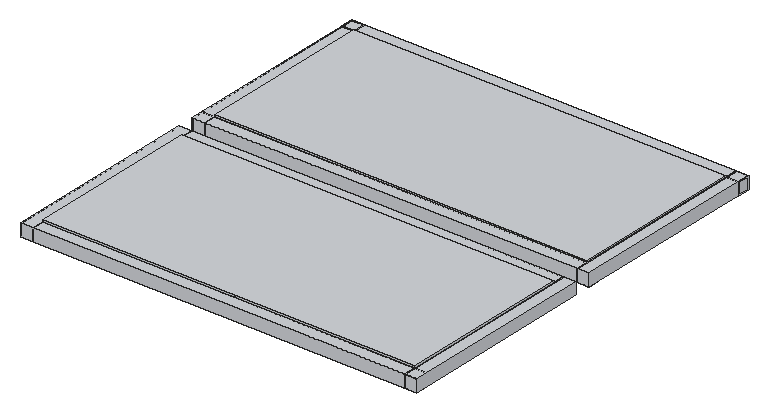
Revit family "Camana Series", category Mechanical Equipment, Revit 2015
Parameters
  length 2 = 3' - 0"
  length 1 = 3' - 0"
  Width = 6' - 0"
  URL = "https://unitedenertech.com/catalog/pdf/C_16%20CAMANA%20SERIES.pdf"
  Type Comments = "Max Size 12\" minimum, 48\" max projection, 120\" Maximum Width for Sunshade and Lightshelf"
  Model = "Camana Series Sunshade"
  Manufacturer = "United Enertech"
  Description = "2 1/4\" square tube frame with recess for perforated panel on top (5/16\" diameter holes on 1/2\" staggered centers)."
Reference planes (in)
  plane 1 "Center (Front/Back)": y = 0
  plane 2: z = 0
  plane 3 "Center (Left/Right)": x = 0
  plane 4: x = -36
  plane 5: x = 36
  plane 6: z = -3.20004
  plane 7: z = -5.45004
  plane 8: x = -33.75
  plane 9: y = -18
  plane 10: y = 18
  plane 11: y = 21
  plane 12: y = 57
  plane 13: y = -15.75
  plane 14: y = 23.25
  plane 15: x = 33.75
  plane 16: x = -33.75
  plane 17: x = -1.125
  plane 18: x = 1.125
  plane 19: y = 15.75
  plane 20: y = 54.83203
  plane 21: z = -2.95004
  plane 22: x = 33.75
  plane 23: x = -33.75
Forms (in)
  Extrusion 1, solid
    sketch origin (0, 0, 0) x (1, 0, 0) y (0, 0, 1)
      loop
        line (-36, -3.20004) -> (-36, -5.45004) -> (-33.75, -5.45004) -> (-33.75, -3.20004) -> (-36, -3.20004)
      loop
        line (-35.91797, -5.36801) -> (-33.83203, -5.36801) -> (-33.83203, -3.28208) -> (-35.91797, -3.28208) -> (-35.91797, -5.36801)
    from -18 to 18
  Extrusion 2, solid
    sketch origin (0, 0, 0) x (-1, 0, 0) y (0, 0, -1)
      loop
        line (-36, 3.20004) -> (-33.75, 3.20004) -> (-33.75, 5.45004) -> (-36, 5.45004) -> (-36, 3.20004)
      loop
        line (-35.91797, 5.36801) -> (-35.91797, 3.28208) -> (-33.83203, 3.28208) -> (-33.83203, 5.36801) -> (-35.91797, 5.36801)
    from -18 to 18
  Extrusion 3, solid
    sketch origin (0, 0, 0) x (0, 1, 0) y (0, 0, 1)
      loop
        line (-15.75, -5.45004) -> (-15.75, -3.20004) -> (-18, -3.20004) -> (-18, -5.45004) -> (-15.75, -5.45004)
      loop
        line (-15.83203, -3.28208) -> (-17.91797, -3.28208) -> (-17.91797, -5.36801) -> (-15.83203, -5.36801) -> (-15.83203, -3.28208)
    from -36 to 36
  Extrusion 4, solid
    sketch origin (0, 0, 0) x (0, -1, 0) y (0, 0, -1)
      loop
        line (-15.75, 5.45004) -> (-18, 5.45004) -> (-18, 3.20004) -> (-15.75, 3.20004) -> (-15.75, 5.45004)
      loop
        line (-15.83203, 3.28208) -> (-15.83203, 5.36801) -> (-17.91797, 5.36801) -> (-17.91797, 3.28208) -> (-15.83203, 3.28208)
    from -33.75 to 33.75
  Extrusion 5, solid
    sketch origin (0, 0, 0) x (0, 1, 0) y (0, 0, 1)
      loop
        line (21, -3.20004) -> (21, -5.45004) -> (23.25, -5.45004) -> (23.25, -3.20004) -> (21, -3.20004)
      loop
        line (23.16797, -3.28208) -> (21.08203, -3.28208) -> (21.08203, -5.36801) -> (23.16797, -5.36801) -> (23.16797, -3.28208)
    from -36 to 36
  Extrusion 6, solid
    sketch origin (0, 102.08203, 0) x (0, -1, 0) y (0, 0, -1)
      loop
        line (45, 3.20004) -> (47.25, 3.20004) -> (47.25, 5.45004) -> (45, 5.45004) -> (45, 3.20004)
      loop
        line (47.16797, 3.28208) -> (47.16797, 5.36801) -> (45.08203, 5.36801) -> (45.08203, 3.28208) -> (47.16797, 3.28208)
    from -36 to 36
  Extrusion 7, solid
    sketch origin (0, 0, 0) x (1, 0, 0) y (0, 0, 1)
      loop
        line (-36, -3.20004) -> (-36, -5.45004) -> (-33.75, -5.45004) -> (-33.75, -3.20004) -> (-36, -3.20004)
      loop
        line (-35.91797, -5.36801) -> (-33.83203, -5.36801) -> (-33.83203, -3.28208) -> (-35.91797, -3.28208) -> (-35.91797, -5.36801)
    from -21 to -57
  Extrusion 8, solid
    sketch origin (0, 0, 0) x (-1, 0, 0) y (0, 0, -1)
      loop
        line (-36, 3.20004) -> (-33.75, 3.20004) -> (-33.75, 5.45004) -> (-36, 5.45004) -> (-36, 3.20004)
      loop
        line (-35.91797, 5.36801) -> (-35.91797, 3.28208) -> (-33.83203, 3.28208) -> (-33.83203, 5.36801) -> (-35.91797, 5.36801)
    from -21 to -57
  Extrusion 9, solid
    sketch origin (0, 0, 0) x (1, 0, 0) y (0, 0, 1)
      loop
        line (-1.125, -3.20004) -> (-1.125, -5.45004) -> (1.125, -5.45004) -> (1.125, -3.20004) -> (-1.125, -3.20004)
      loop
        line (-1.04297, -5.36801) -> (1.04297, -5.36801) -> (1.04297, -3.28208) -> (-1.04297, -3.28208) -> (-1.04297, -5.36801)
    from -15.75 to 15.75
  Extrusion 10, solid
    sketch origin (0, 0, 0) x (1, 0, 0) y (0, 0, 1)
      loop
        line (-1.125, -3.20004) -> (-1.125, -5.45004) -> (1.125, -5.45004) -> (1.125, -3.20004) -> (-1.125, -3.20004)
      loop
        line (-1.04297, -5.36801) -> (1.04297, -5.36801) -> (1.04297, -3.28208) -> (-1.04297, -3.28208) -> (-1.04297, -5.36801)
    from -23.25 to -54.83203
  Extrusion 11, solid
    sketch origin (0, 0, 0) x (1, 0, 0) y (0, 1, 0)
      loop
        line (33.75, 15.75) -> (-33.75, 15.75) -> (-33.75, -15.75) -> (33.75, -15.75) -> (33.75, 15.75)
    from -3.20004 to -2.95004
  Extrusion 12, solid
    sketch origin (0, 0, 0) x (1, 0, 0) y (0, 1, 0)
      loop
        line (33.75, 54.83203) -> (-33.75, 54.83203) -> (-33.75, 23.25) -> (33.75, 23.25) -> (33.75, 54.83203)
    from -3.20004 to -2.95004
Cuts and joins
  joined: Extrusion 1, Extrusion 3
Dimensions and locks (in)
  equal spacing: plane 5, plane 3 "Center (Left/Right)", plane 4
  "Width": plane 5 to plane 4
  locked: plane 6 to plane 7 at 2.25
  locked: plane 8 to plane 4 at 2.25
  equal spacing: plane 10, plane 1 "Center (Front/Back)", plane 9
  "length 1": plane 10 to plane 9
  locked: plane 11 to plane 10 at 3
  "length 2": plane 12 to plane 11
  locked: plane 13 to plane 9 at 2.25
  locked: plane 14 to plane 11 at 2.25
  locked: plane 4 to plane 16 at 2.25
  locked: plane 15 to plane 5 at 2.25
  equal spacing: plane 18, plane 3 "Center (Left/Right)", plane 17
  locked: plane 18 to plane 17 at 2.25
  locked: plane 10 to plane 19 at 2.25
  locked: plane 12 to plane 20 at 2.16797
  locked: plane 21 to cut or joined group of Extrusion 1, Extrusion 3 at 0.25
  locked: plane 22 to plane 5 at 2.25
  locked: plane 4 to plane 23 at 2.25
  aligned and locked: level to plane 2
  aligned and locked: plane 4 to Extrusion 1 sketch curve
  aligned and locked: plane 7 to Extrusion 1 sketch curve
  aligned and locked: Extrusion 1 sketch curve to plane 8
  aligned and locked: Extrusion 1 sketch curve to plane 6
  aligned and locked: plane 10 to Extrusion 1
  aligned and locked: Extrusion 1 to plane 9
  aligned and locked: Extrusion 1 to plane 4
  aligned and locked: Extrusion 2 to plane 5
  aligned and locked: Extrusion 2 to plane 9
  aligned and locked: plane 10 to Extrusion 2
  aligned and locked: plane 6 to Extrusion 3 sketch curve
  aligned and locked: plane 13 to Extrusion 3 sketch curve
  aligned and locked: Extrusion 3 sketch curve to plane 7
  aligned and locked: Extrusion 3 sketch curve to plane 9
  aligned and locked: Extrusion 3 to plane 4
  aligned and locked: Extrusion 3 to plane 5
  aligned and locked: plane 10 to Extrusion 4
  aligned and locked: plane 6 to Extrusion 5 sketch curve
  aligned and locked: Extrusion 5 sketch curve to plane 7
  aligned and locked: Extrusion 5 sketch curve to plane 14
  aligned and locked: Extrusion 5 sketch curve to plane 11
  aligned and locked: Extrusion 5 to plane 4
  aligned and locked: Extrusion 5 to plane 5
  aligned and locked: Extrusion 5 to plane 14
  aligned and locked: Extrusion 6 to plane 4
  aligned and locked: Extrusion 6 to plane 5
  aligned and locked: Extrusion 4 to plane 15
  aligned and locked: Extrusion 7 sketch curve to plane 6
  aligned and locked: Extrusion 7 sketch curve to plane 8
  aligned and locked: plane 7 to Extrusion 7 sketch curve
  aligned and locked: plane 4 to Extrusion 7 sketch curve
  aligned and locked: plane 12 to Extrusion 7
  aligned and locked: Extrusion 7 to plane 11
  aligned and locked: Extrusion 7 to plane 4
  aligned and locked: Extrusion 8 to plane 5
  aligned and locked: plane 12 to Extrusion 8
  aligned and locked: Extrusion 8 to plane 11
  aligned and locked: plane 16 to Extrusion 4
  aligned and locked: plane 17 to Extrusion 9 sketch curve
  aligned and locked: plane 18 to Extrusion 9 sketch curve
  aligned and locked: Extrusion 9 to plane 13
  aligned and locked: plane 19 to Extrusion 9
  aligned and locked: Extrusion 10 to plane 14
  aligned and locked: plane 20 to Extrusion 10
  aligned and locked: cut or joined group of Extrusion 1, Extrusion 3 to plane 4
  aligned and locked: plane 16 to Extrusion 11 sketch curve
  aligned and locked: plane 19 to Extrusion 11 sketch curve
  aligned and locked: Extrusion 11 sketch curve to plane 15
  aligned and locked: Extrusion 11 sketch curve to plane 13
  aligned and locked: Extrusion 11 to cut or joined group of Extrusion 1, Extrusion 3
  aligned and locked: plane 21 to Extrusion 11
  aligned and locked: plane 23 to Extrusion 12 sketch curve
  aligned and locked: plane 20 to Extrusion 12 sketch curve
  aligned and locked: Extrusion 12 sketch curve to plane 22
  aligned and locked: plane 14 to Extrusion 12 sketch curve
  aligned and locked: Extrusion 12 to plane 6
  aligned and locked: plane 21 to Extrusion 12
  aligned and locked: plane 14 to Extrusion 12
  aligned and locked: plane 20 to Extrusion 12
Automatic sketch dimensions
  plane 4 to Extrusion 1 sketch curve = 0' - 0 21/256"
  Extrusion 1 sketch curve to plane 8 = 0' - 0 21/256"
  plane 7 to Extrusion 1 sketch curve = 0' - 0 21/256"
  Extrusion 1 sketch curve to plane 6 = 0' - 0 21/256"
  plane 5 to Extrusion 2 sketch curve = 0' - 0"
  Extrusion 2 sketch curve to plane 7 = 0' - 0"
  plane 15 to Extrusion 2 sketch curve = 0' - 0"
  Extrusion 2 sketch curve to plane 6 = 0' - 0"
  Extrusion 2 sketch curve to plane 5 = 0' - 0 21/256"
  plane 15 to Extrusion 2 sketch curve = 0' - 0 21/256"
  Extrusion 2 sketch curve to plane 7 = 0' - 0 21/256"
  plane 6 to Extrusion 2 sketch curve = 0' - 0 21/256"
  plane 9 to Extrusion 3 sketch curve = 0' - 0 21/256"
  Extrusion 3 sketch curve to plane 13 = 0' - 0 21/256"
  plane 7 to Extrusion 3 sketch curve = 0' - 0 21/256"
  Extrusion 3 sketch curve to plane 6 = 0' - 0 21/256"
  Extrusion 4 sketch curve to plane 7 = 0' - 0"
  Extrusion 4 sketch curve to plane 10 = 0' - 0"
  Extrusion 4 sketch curve to plane 19 = 0' - 0"
  Extrusion 4 sketch curve to plane 6 = 0' - 0"
  plane 10 to Extrusion 4 sketch curve = 0' - 0 21/256"
  Extrusion 4 sketch curve to plane 19 = 0' - 0 21/256"
  Extrusion 4 sketch curve to plane 7 = 0' - 0 21/256"
  plane 6 to Extrusion 4 sketch curve = 0' - 0 21/256"
  plane 11 to Extrusion 5 sketch curve = 0' - 0 21/256"
  plane 14 to Extrusion 5 sketch curve = 0' - 0 21/256"
  plane 7 to Extrusion 5 sketch curve = 0' - 0 21/256"
  Extrusion 5 sketch curve to plane 6 = 0' - 0 21/256"
  Extrusion 6 sketch curve to plane 7 = 0' - 0"
  Extrusion 6 sketch curve to plane 6 = 0' - 0"
  Extrusion 6 sketch curve to plane 12 = 0' - 0"
  Extrusion 6 sketch curve to plane 12 = 0' - 0 21/256"
  Extrusion 6 sketch curve to plane 7 = 0' - 0 21/256"
  Extrusion 6 sketch curve to Extrusion 6 sketch curve = 0' - 2 11/128"
  Extrusion 6 sketch curve to Extrusion 6 sketch curve = 0' - 0 21/256"
  plane 6 to Extrusion 6 sketch curve = 0' - 0 21/256"
  plane 4 to Extrusion 7 sketch curve = 0' - 0 21/256"
  Extrusion 7 sketch curve to plane 8 = 0' - 0 21/256"
  plane 7 to Extrusion 7 sketch curve = 0' - 0 21/256"
  Extrusion 7 sketch curve to plane 6 = 0' - 0 21/256"
  plane 5 to Extrusion 8 sketch curve = 0' - 0"
  Extrusion 8 sketch curve to plane 7 = 0' - 0"
  plane 15 to Extrusion 8 sketch curve = 0' - 0"
  Extrusion 8 sketch curve to plane 6 = 0' - 0"
  Extrusion 8 sketch curve to plane 5 = 0' - 0 21/256"
  plane 15 to Extrusion 8 sketch curve = 0' - 0 21/256"
  Extrusion 8 sketch curve to plane 7 = 0' - 0 21/256"
  plane 6 to Extrusion 8 sketch curve = 0' - 0 21/256"
  Extrusion 9 sketch curve to plane 7 = 0' - 0"
  Extrusion 9 sketch curve to plane 6 = 0' - 0"
  plane 17 to Extrusion 9 sketch curve = 0' - 0 21/256"
  plane 18 to Extrusion 9 sketch curve = 0' - 0 21/256"
  plane 7 to Extrusion 9 sketch curve = 0' - 0 21/256"
  Extrusion 9 sketch curve to plane 6 = 0' - 0 21/256"
  Extrusion 10 sketch curve to plane 7 = 0' - 0"
  Extrusion 10 sketch curve to plane 17 = 0' - 0"
  plane 18 to Extrusion 10 sketch curve = 0' - 0"
  Extrusion 10 sketch curve to plane 6 = 0' - 0"
  plane 17 to Extrusion 10 sketch curve = 0' - 0 21/256"
  plane 18 to Extrusion 10 sketch curve = 0' - 0 21/256"
  plane 7 to Extrusion 10 sketch curve = 0' - 0 21/256"
  Extrusion 10 sketch curve to plane 6 = 0' - 0 21/256"
